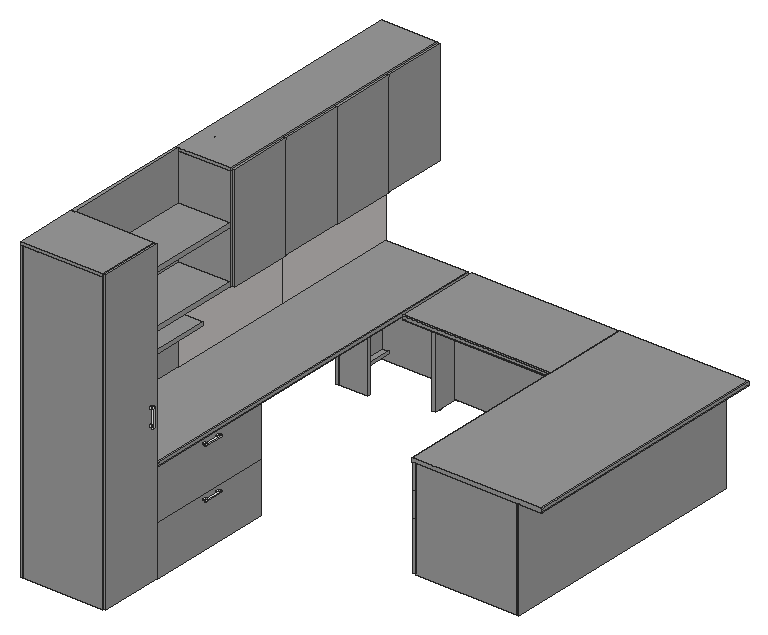
Revit family "JSI-Vision-Typical_Laminate-VST125", category Furniture, Revit 2020
Family settings
  OmniClass Number = 23.40.20.00
  OmniClass Title = General Furniture and Specialties
  Work Plane-Based = No
  Always vertical = Yes
  Cut with Voids When Loaded = No
  Shared = No
  Room Calculation Point = No
Parameters (values of type "VST125")
  URL = "www.jsifurniture.com"
  Type Comments = "Typical Laminate"  # constant formula
  Model = "VST125"
  Manufacturer = "JSI"  # constant formula
  Keynote = "12500"
  Default Elevation = 0"
  Assembly Code = "E2020200"
Reference planes (in)
  plane 1 "Center Front/Back": y = 0
  plane 2: z = 0
  plane 3 "Center Left/Right": x = 0
Dimensions and locks (in)
  aligned and locked: level to plane 2
Nested families (in)
  nested 1: "JSI-Vision-Modular_Wing_End_Support" at (0, -16.125, 0) x (0, 1, 0) z (0, 0, 1), type "VST1624WEAR, Wing End Sup - Right"
    with Pnl Pstn 15 1/8", L no, Depth 24"
  nested 2: "JSI-Vision-Double_Height_Wall_Mount_Overhead_Cabinets" at (0, -71.93757, 11.6875) x (0, 1, 0) z (0, 0, 1), type "VST1672WDSO, Laminate Dbl Height Wall Mount OH Cab. 16" x 72", 4 Doors"
    with Overall Height 72", Verticall Partition Distance 35 3/4", Unit Centre 36", Width 72", Door Width Actual 17 25/32", Door Array Spacing 17 29/32", Door Width 17 25/32", # of Doors 4
  nested 3: "JSI-Vision-Credenza_Top" at (0, -108, 28) x (0, 1, 0) z (0, 0, 1), type "VST24108MCT, Laminate Credenza Top, 24" x 108""
    with Height 0", Width 108", Depth 24"
  nested 4: "JSI-Vision-Wardrobe" at (0, -125.875, 0) x (0, 1, 0) z (0, 0, 1), type "VST2418-84WL - Wardrobe - 1 Doors 30"W x 24"D x 84"H"
    with Vertical Partition no, Width 18", Unit Centre 8 15/16", Shelve Width 7 13/16", Right surface Dist. to Vertical Partition 3/4", Right Door no, Pull Distance 15 1/4", Left Shelves no, Door Width 17 3/4", Bottom-Right Shelves yes, Actual Width 17 7/8"
  nested 5: "JSI-Vision-Modular_Lateral_File_Pedestal" at (0.1405, -108, 0) x (0, 1, 0) z (0, 0, 1), type "VST3624MLF, Laminate Modular Lat F Ped"
    with Ped Width 36", Ped Depth 24"
  nested 6: "JSI-Vision-Adjustable_Casegood-L_Shape-Modesty_Desk-Bridge" at (102, 0.125, 0) x (0, -1, 0) z (0, 0, 1), type "VST3672-U42AHFR - Adjustable Casegood L Shape 78"D x 72"W x 29 1/2"-49 1/8"H"
  nested 7: "JSI-Vision-Wall_Panel_Laminate" at (0, -108, -0.3125) x (0, 1, 0) z (0, 0, 1), type "VST3625WP, Laminate Wall Panel - 7 15/16d x 36w x 25h"
    with Shelf yes, Depth 7 15/16"
  nested 8: "JSI-Vision-Tackboard_Wall _Panel" at (-1.5625, -72.9375, -4.5625) x (0, 1, 0) z (0, 0, 1), type "VSB3625WPTK, Wall Panel Tackboard"
  nested 9: "JSI-Vision-Tackboard_Wall _Panel" at (-1.5625, 0.9375, -4.5625) x (0, -1, 0) z (0, 0, 1), type "VSB3625WPTK, Wall Panel Tackboard"
  nested 10: "JSI-Vision-Wall_Mount_Double_Shelf_for_84H" at (0, -108, 0) x (0, 1, 0) z (0, 0, 1), type "VST1536-30WMS, Wall Mount Double Shelf for 84" Height - 29 1/2"H, 36"W"
  nested 11: "JSI-Vision-Modular_Full_Height_Back_Modular_Pedestal" at (0.078, -107.812, 0) x (0, 1, 0) z (0, 0, 1), type "VST3628MPBK, Modular Full Height Back Panel for Modular Pedestal- Laminate"
Definition of nested family "JSI-Vision-Modular_Wing_End_Support"
  Parameters (values of type "Wing End Sup - Type Catalog Family")
    Width = 16"
    URL = "www.jsifurniture.com"
    Series = "Vision Casegoods"  # constant formula
    Pnl Pstn = if(L, 1/8", Width - 7/8")  # 1/8"
    Model = "Type Catalog"
    Manufacturer = "JSI"  # constant formula
    L = yes
    Keynote = "12500"  # constant formula
    JSI Enviromental website = "http://www.jsifurniture.com/jsi_sustainability_intro.php"
    Height = 28"
    Grommet Finish = none
    Description = "Type Catalog"
    Depth = 20"
    Default Elevation = 0"
    Chassis = none
    Assembly Code = "E2020200"
  Reference planes (in)
    plane 1 "Center Front/Back": y = 0
    plane 2: z = 0
    plane 3 "Center Left/Right": x = 0
    plane 4: x = 0.125
    plane 5: x = 15.875
    plane 6: x = 16
    plane 7: y = -0.1875
    plane 8: z = 28
    plane 9: x = 0.875
    plane 10: x = 15.126
    plane 11: y = -20
    plane 12: y = -19.8125
    plane 13: y = -0.9375
    plane 14: x = 0.125
    plane 15: x = 15.875
  Forms (in)
    Extrusion 1, solid, material <- "Chassis"
      sketch origin (0, 0, 0) x (1, 0, 0) y (0, 1, 0)
        loop
          line (0.125, -0.1875) -> (0.125, -0.9375) -> (15.875, -0.9375) -> (15.875, -0.1875) -> (0.125, -0.1875)
      from 0 to 28
    Extrusion 2, solid, material <- "Chassis"
      sketch origin (0.125, -0.1875, 48) x (0, 1, 0) y (0, 0, 1)
        loop
          line (-0.75, -20) -> (-19.625, -20) -> (-19.625, -48) -> (-0.75, -48) -> (-0.75, -20)
      from 0 to 0.75
    Extrusion 3, solid, material <- "Chassis"
      sketch origin (15.875, -0.1875, 48) x (0, 1, 0) y (0, 0, 1)
        loop
          line (-0.75, -20) -> (-4.75, -20) -> (-4.75, -48) -> (-0.75, -48) -> (-0.75, -20)
      from -0.749 to 0
    Extrusion 4, solid, material <- "Chassis"
      sketch origin (0, 0, 0) x (0, 1, 0) y (0, 0, 1)
        loop
          line (-0.9375, 1.75) -> (-0.9375, 2.5) -> (-2.875, 2.5) -> (-2.875, 1.75) -> (-0.9375, 1.75)
      from 0.875 to 15.126
  Lines and regions (in)
    symbolic lines
      curve 1: line (15.875, -0.1875, 0) -> (0.125, -0.1875, 0)
      curve 2: line (0.125, -19.8125, 0) -> (0.125, -0.1875, 0)
      curve 3: line (15.875, -0.1875, 0) -> (15.875, -4.9375, 0)
      curve 4: line (0.125, -0.9375, 0) -> (15.875, -0.9375, 0)
      curve 5: line (0.875, -0.9375, 0) -> (0.875, -19.8125, 0)
      curve 6: line (0.125, -19.8125, 0) -> (0.875, -19.8125, 0)
      curve 7: line (15.126, -0.9375, 0) -> (15.126, -4.9375, 0)
      curve 8: line (15.126, -4.9375, 0) -> (15.875, -4.9375, 0)
  Dimensions and locks (in)
    locked: plane 1 "Center Front/Back" to plane 7 at 0.1875
    "Height": plane 8 to level
    locked: plane 4 to plane 9 at 0.75
    locked: plane 10 to plane 5 at 0.749
    "Depth": plane 11 to plane 1 "Center Front/Back"
    "Width": plane 3 "Center Left/Right" to plane 6
    locked: plane 3 "Center Left/Right" to plane 14 at 0.125
    locked: plane 15 to plane 6 at 0.125
    locked: Extrusion 1 to Extrusion 4 at 0.75
    locked: Extrusion 4 to Extrusion 1 at 0.749
    "Pnl Pstn": plane 3 "Center Left/Right" to plane 4
    "Pnl Pstn": plane 5 to plane 6
    locked: plane 12 to plane 11 at 0.1875
    Extrusion 4 to Extrusion 4 to plane 2 = 3/4" locked, 1 3/4" locked
    locked: plane 13 to Extrusion 4 at 1.9375
    aligned and locked: level to plane 2
    aligned and locked: Extrusion 1 sketch curve to plane 7
    aligned and locked: Extrusion 2 sketch curve to level
    aligned and locked: Extrusion 3 sketch curve to plane 8
    aligned and locked: level to Extrusion 3 sketch curve
    aligned and locked: Extrusion 2 to plane 12
    aligned and locked: plane 13 to Extrusion 2
    aligned and locked: plane 9 to Extrusion 2
    aligned and locked: Extrusion 2 to plane 4
    aligned and locked: Extrusion 1 to plane 14
    aligned and locked: plane 15 to Extrusion 1
    aligned and locked: curve 6 to plane 12
    aligned and locked: plane 13 to Extrusion 4 sketch curve
    aligned and locked: plane 13 to Extrusion 3
    aligned and locked: plane 14 to curve 1
  Automatic sketch dimensions
    plane 11 to Extrusion 3 sketch curve = 15 1/16"
    Extrusion 2 sketch curve to plane 8 = 0"
    plane 12 to Extrusion 2 sketch curve = 0"
    Extrusion 1 sketch curve to plane 7 = 3/4"
    Extrusion 2 sketch curve to plane 7 = 3/4"
    Extrusion 3 sketch curve to plane 7 = 3/4"
    Extrusion 1 sketch curve to plane 4 = 0"
    plane 5 to Extrusion 1 sketch curve = 0"
    curve 7 to plane 10 = 0"
    curve 3 to plane 5 = 0"
    curve 2 to plane 4 = 0"
    curve 6 to plane 9 = 0"
    curve 1 to plane 15 = 0"
    curve 4 to plane 13 = 0"
    curve 7 to plane 13 = 0"
    curve 5 to plane 13 = 0"
    curve 2 to plane 7 = 0"
    level to Extrusion 4 sketch curve = 1 3/4"
    Extrusion 4 sketch curve to Extrusion 4 sketch curve = 3/4"
    curve 3 to curve 4 = 4"
    Extrusion 4 sketch curve to plane 13 = 1 15/16"
Definition of nested family "JSI-Vision-Double_Height_Wall_Mount_Overhead_Cabinets"
  Parameters (values of type "Double H Wall Mount OH - Type Catalog Family")
    Verticall Partition Distance = (Door Width * 2) + 3/16"  # 29 13/16"
    Unit Centre = Width / 2  # 45"
    Top = none
    Width = 90"
    URL = "www.jsifurniture.com"
    Type Comments = ""
    Tag = "4 Doors"
    Series = "Vision Casegoods"  # constant formula
    Right Vertical Partition = yes
    Overhead Height = 1 1/2"
    Overall Height [instance] = 72"
    Model = "Type Catalog"
    Material = ""
    Manufacturer = "JSI"  # constant formula
    Left Vertical Partition = yes
    Keynote = "12500"  # constant formula
    JSI Enviromental Website = "http://www.jsifurniture.com/jsi_sustainability_intro.php"
    Height = 30"
    Door Width Actual = if(# of Doors > 4, ((Width - 1 1/8") / # of Doors), if(# of Doors > 3, (((Width - 1 1/8") / # of Doors) + 1/16"), if(# of Doors > 2, (((Width - 1 1/8") / # of Doors) + 1/8"), (((Width - 1 1/8") / # of Doors) + 1/4"))))  # 14 13/16"
    Door Array Spacing = Door Width + 1/8"  # 14 15/16"
    Door Width = Door Width Actual  # 14 13/16"
    Door Front = none
    Description = "Type Catalog"
    Depth = 16"
    Default Elevation = 0"
    Chassis = none
    Assembly Code = "E2020200"
    # of Doors = if(Width > 89", 6, (if(Width > 53", 4, (if(Width > 41", 3, (if(Width > 30", 2, 2)))))))  # 6
  Reference planes (in)
    plane 1 "Center Front/Back": y = 0
    plane 2: z = 0
    plane 3 "Center Left/Right": x = 0
    plane 4: z = 0
    plane 5: y = -0.125
    plane 6: x = 90
    plane 7: x = 0.125
    plane 8: x = 89.875
    plane 9: y = -15.5625
    plane 10: y = -16
    plane 11: z = 72
    plane 12: z = 71.5
    plane 13: x = 0.875
    plane 14: x = 89.125
    plane 15: y = -0.875
    plane 16: z = 71.25
    plane 17: z = 44
    plane 18: z = 44.75
    plane 19: z = 42.5
    plane 20: y = -14.8125
    plane 21: z = 58
    plane 22: x = 0.25
    plane 23: x = 89.75
    plane 24: z = 71.9375
    plane 25: z = 42.6875
    plane 26: y = -15.6875
    plane 27: y = -16.4375
    plane 28: x = 45
    plane 29: x = 30.0625
    plane 30: x = 59.9375
    plane 31: z = 42.5
    plane 32: z = 72.5
    plane 33: z = 66.0625
    plane 34: x = 1.5
    plane 35: x = 88.5
    plane 36: z = 48.0625
  Forms (in)
    Extrusion 1, solid, material <- "Chassis"
      sketch origin (0, 0, 0) x (1, 0, 0) y (0, 1, 0)
        loop
          line (0.125, -0.125) -> (0.125, -15.5625) -> (0.875, -15.5625) -> (0.875, -0.125) -> (0.125, -0.125)
      from 42.5 to 71.25
    Extrusion 2, solid, material <- "Chassis"
      sketch origin (0, 0, 0) x (1, 0, 0) y (0, 1, 0)
        loop
          line (89.875, -0.125) -> (89.125, -0.125) -> (89.125, -15.5625) -> (89.875, -15.5625) -> (89.875, -0.125)
      from 42.5 to 71.25
    Extrusion 3, solid, material <- "Top"
      sketch origin (0, 0, 0) x (1, 0, 0) y (0, 0, 1)
        loop
          line (0.125, 72) -> (0.125, 71.25) -> (89.875, 71.25) -> (89.875, 72) -> (0.125, 72)
      from 0.125 to 15.5625
    Extrusion 4, solid, material <- "Chassis"
      sketch origin (0, 0, 0) x (1, 0, 0) y (0, 0, 1)
        loop
          line (0.875, 44.75) -> (0.875, 44) -> (89.125, 44) -> (89.125, 44.75) -> (0.875, 44.75)
      from 1.6875 to 15.5625
    Extrusion 5, solid, material <- "Chassis"
      sketch origin (0, 0, 0) x (1, 0, 0) y (0, 1, 0)
        loop
          line (0.875, -14.0625) -> (0.875, -14.8125) -> (89.125, -14.8125) -> (89.125, -14.0625) -> (0.875, -14.0625)
      from 42.5 to 44
    Extrusion 6, solid, material <- "Chassis"
      sketch origin (0, 0, 0) x (1, 0, 0) y (0, 0, 1)
        loop
          line (0.875, 58.375) -> (0.875, 57.625) -> (89.125, 57.625) -> (89.125, 58.375) -> (0.875, 58.375)
      from 1.6875 to 15.5625
    Extrusion 7, solid, material <- "Door Front"
      sketch origin (-3, 0, 17.5) x (1, 0, 0) y (0, 1, 0)
        loop
          line (3.25, -15.6875) -> (3.25, -16.4375) -> (18.0625, -16.4375) -> (18.0625, -15.6875) -> (3.25, -15.6875)
      from 25.1875 to 54.4375
    Extrusion 8, solid, material <- "Door Front"
      sketch origin (11.9375, 0, 17.5) x (1, 0, 0) y (0, 1, 0)
        loop
          line (3.25, -15.6875) -> (3.25, -16.4375) -> (18.0625, -16.4375) -> (18.0625, -15.6875) -> (3.25, -15.6875)
      from 25.1875 to 54.4375
    Extrusion 9, solid, material <- "Chassis"
      sketch origin (130.61992, -0.9375, 48) x (1, 0, 0) y (0, 0, 1)
        loop
          line (-129.74492, 23.25) -> (-129.74492, -5.5) -> (-41.49492, -5.5) -> (-41.49492, 23.25) -> (-129.74492, 23.25)
      from 0 to 0.75
    Extrusion 10, solid, material <- "Chassis", visible <- "Left Vertical Partition"
      sketch origin (45.0625, -15.5625, 48) x (1, 0, 0) y (0, 0, 1)
        loop
          line (-15.375, 23.25) -> (-15.375, 10.375) -> (-14.625, 10.375) -> (-14.625, 23.25) -> (-15.375, 23.25)
        loop
          line (-15.375, 9.625) -> (-15.375, -3.25) -> (-14.625, -3.25) -> (-14.625, 9.625) -> (-15.375, 9.625)
      from -13.875 to 0
    Extrusion 11, solid, material <- "Chassis", visible <- "Right Vertical Partition"
      sketch origin (60, -15.5625, 48) x (1, 0, 0) y (0, 0, 1)
        loop
          line (-0.4375, 23.25) -> (-0.4375, 10.375) -> (0.3125, 10.375) -> (0.3125, 23.25) -> (-0.4375, 23.25)
        loop
          line (-0.4375, 9.625) -> (-0.4375, -3.25) -> (0.3125, -3.25) -> (0.3125, 9.625) -> (-0.4375, 9.625)
      from -13.875 to 0
    Extrusion 12, solid, material <- "Chassis"
      sketch origin (1.5, -180, 96) x (0, 0, 1) y (0, -1, 0)
        loop
          line (-24.75, -179.875) -> (-24.75, -179.0625) -> (-26.9375, -179.0625) -> (-27.75, -179.875) -> (-24.75, -179.875)
        loop
          line (-42.75, -179.875) -> (-42.75, -179.0625) -> (-44.9375, -179.0625) -> (-45.75, -179.875) -> (-42.75, -179.875)
      from -0.625 to 87.625
    Extrusion 13, solid, material <- "Door Front"
      sketch origin (26.875, 0, 17.5) x (1, 0, 0) y (0, 1, 0)
        loop
          line (3.25, -15.6875) -> (3.25, -16.4375) -> (18.0625, -16.4375) -> (18.0625, -15.6875) -> (3.25, -15.6875)
      from 25.1875 to 54.4375
    Extrusion 14, solid, material <- "Door Front"
      sketch origin (41.8125, 0, 17.5) x (1, 0, 0) y (0, 1, 0)
        loop
          line (3.25, -15.6875) -> (3.25, -16.4375) -> (18.0625, -16.4375) -> (18.0625, -15.6875) -> (3.25, -15.6875)
      from 25.1875 to 54.4375
    Extrusion 15, solid, material <- "Door Front"
      sketch origin (56.75, 0, 17.5) x (1, 0, 0) y (0, 1, 0)
        loop
          line (3.25, -15.6875) -> (3.25, -16.4375) -> (18.0625, -16.4375) -> (18.0625, -15.6875) -> (3.25, -15.6875)
      from 25.1875 to 54.4375
    Extrusion 16, solid, material <- "Door Front"
      sketch origin (71.6875, 0, 17.5) x (1, 0, 0) y (0, 1, 0)
        loop
          line (3.25, -15.6875) -> (3.25, -16.4375) -> (18.0625, -16.4375) -> (18.0625, -15.6875) -> (3.25, -15.6875)
      from 25.1875 to 54.4375
  Lines and regions (in)
    symbolic lines
      curve 1: line (15.0625, -15.6875, 0) -> (0.25, -15.6875, 0)
      curve 2: line (0.25, -15.6875, 0) -> (0.25, -16.4375, 0)
      curve 3: line (0.25, -16.4375, 0) -> (15.0625, -16.4375, 0)
      curve 4: line (15.0625, -16.4375, 0) -> (15.0625, -15.6875, 0)
      curve 5: line (30, -15.6875, 0) -> (15.1875, -15.6875, 0)
      curve 6: line (15.1875, -15.6875, 0) -> (15.1875, -16.4375, 0)
      curve 7: line (15.1875, -16.4375, 0) -> (30, -16.4375, 0)
      curve 8: line (30, -16.4375, 0) -> (30, -15.6875, 0)
      curve 9: line (44.9375, -15.6875, 0) -> (30.125, -15.6875, 0)
      curve 10: line (30.125, -15.6875, 0) -> (30.125, -16.4375, 0)
      curve 11: line (30.125, -16.4375, 0) -> (44.9375, -16.4375, 0)
      curve 12: line (44.9375, -16.4375, 0) -> (44.9375, -15.6875, 0)
      curve 13: line (0.125, -15.5625, 0) -> (89.875, -15.5625, 0)
      curve 14: line (0.125, -0.125, 0) -> (0.125, -15.5625, 0)
      curve 15: line (89.875, -0.125, 0) -> (0.125, -0.125, 0)
      curve 16: line (89.875, -15.5625, 0) -> (89.875, -0.125, 0)
      curve 17: line (59.875, -15.6875, 0) -> (45.0625, -15.6875, 0)
      curve 18: line (45.0625, -15.6875, 0) -> (45.0625, -16.4375, 0)
      curve 19: line (45.0625, -16.4375, 0) -> (59.875, -16.4375, 0)
      curve 20: line (59.875, -16.4375, 0) -> (59.875, -15.6875, 0)
      curve 21: line (74.8125, -15.6875, 0) -> (60, -15.6875, 0)
      curve 22: line (60, -15.6875, 0) -> (60, -16.4375, 0)
      curve 23: line (60, -16.4375, 0) -> (74.8125, -16.4375, 0)
      curve 24: line (74.8125, -16.4375, 0) -> (74.8125, -15.6875, 0)
      curve 25: line (89.75, -15.6875, 0) -> (74.9375, -15.6875, 0)
      curve 26: line (74.9375, -15.6875, 0) -> (74.9375, -16.4375, 0)
      curve 27: line (74.9375, -16.4375, 0) -> (89.75, -16.4375, 0)
      curve 28: line (89.75, -16.4375, 0) -> (89.75, -15.6875, 0)
  Dimensions and locks (in)
    plane 3 "Center Left/Right" to plane 7 to plane 22 = 1/8" locked, 1/8" locked
    plane 23 to plane 8 to plane 6 = 1/8" locked, 1/8" locked
    Extrusion 9 to Extrusion 12 to plane 5 to plane 1 "Center Front/Back" = 3/4" locked, 13/16" locked, 1/8" locked
    plane 10 to plane 9 to plane 20 = 7/16" locked, 3/4" locked
    "Width": plane 3 "Center Left/Right" to plane 6
    "Depth": plane 10 to plane 1 "Center Front/Back"
    locked: plane 11 to plane 12 at 0.5
    locked: plane 7 to plane 13 at 0.75
    locked: plane 14 to plane 8 at 0.75
    locked: plane 15 to plane 5 at 0.75
    locked: plane 11 to plane 16 at 0.75
    plane 18 to plane 17 to plane 19 = 3/4" locked, 1 1/2" locked
    equal spacing: plane 16, plane 21, plane 18
    locked: plane 11 to plane 24 at 0.0625
    locked: plane 25 to plane 19 at 0.1875
    plane 27 to plane 26 to plane 9 = 3/4" locked, 1/8" locked
    "Door Width": Extrusion 7 sketch curve to Extrusion 7 sketch curve
    "Door Width": Extrusion 8 sketch curve to Extrusion 8 sketch curve
    equal spacing: group 1, group 2, group 3, group 4, group 5, group 6  (x3)
    "Door Array Spacing": Extrusion 7 to Extrusion 8
    "Verticall Partition Distance": plane 22 to plane 29
    "Verticall Partition Distance": plane 30 to plane 23
    "Unit Centre": plane 3 "Center Left/Right" to plane 28
    "Overhead Height": plane 17 to plane 31
    "Height": plane 32 to plane 31
    locked: plane 32 to plane 11 at 0.5
    locked: plane 36 to plane 18 at 3.3125
    locked: plane 13 to plane 34 at 0.625
    locked: plane 35 to plane 14 at 0.625
    "Door Width": Extrusion 13 sketch curve to Extrusion 13 sketch curve
    plane 16 to plane 33 = 5 3/16"
    "Overall Height": plane 11 to level
    plane 32 to Extrusion 12 sketch curve to Extrusion 12 sketch curve to Extrusion 12 sketch curve to Extrusion 12 sketch curve to Extrusion 12 sketch curve to Extrusion 12 sketch curve = 1 1/4" locked, 2 3/16" locked, 13/16" locked, 15" locked, 2 3/16" locked, 13/16" locked
    locked: plane 5 to Extrusion 12 sketch curve at 0.8125
    Extrusion 6 sketch curve to plane 21 to Extrusion 6 sketch curve = 3/8" locked, 3/8" locked
    locked: plane 20 to Extrusion 5 sketch curve at 0.75
    Extrusion 11 sketch curve to plane 30 to Extrusion 11 sketch curve = 3/8" locked, 3/8" locked
    "Door Width": Extrusion 14 sketch curve to Extrusion 14 sketch curve
    "Door Width": Extrusion 15 sketch curve to Extrusion 15 sketch curve
    "Door Width": Extrusion 16 sketch curve to Extrusion 16 sketch curve
    Extrusion 10 sketch curve to plane 29 to Extrusion 10 sketch curve = 3/8" locked, 3/8" locked
    aligned and locked: level to plane 2
    aligned and locked: plane 5 to Extrusion 1 sketch curve
    aligned and locked: plane 7 to Extrusion 1 sketch curve
    aligned and locked: Extrusion 1 sketch curve to plane 13
    aligned and locked: Extrusion 2 sketch curve to plane 5
    aligned and locked: plane 8 to Extrusion 2 sketch curve
    aligned and locked: Extrusion 2 sketch curve to plane 14
    aligned and locked: Extrusion 3 sketch curve to plane 11
    aligned and locked: plane 7 to Extrusion 3 sketch curve
    aligned and locked: Extrusion 3 to plane 5
    aligned and locked: plane 9 to Extrusion 1
    aligned and locked: plane 9 to Extrusion 2
    aligned and locked: plane 9 to Extrusion 3
    aligned and locked: Extrusion 4 sketch curve to plane 18
    aligned and locked: plane 13 to Extrusion 4 sketch curve
    aligned and locked: plane 17 to Extrusion 4 sketch curve
    aligned and locked: Extrusion 4 sketch curve to plane 14
    aligned and locked: plane 9 to Extrusion 4
    aligned and locked: plane 13 to Extrusion 5 sketch curve
    aligned and locked: Extrusion 5 sketch curve to plane 20
    aligned and locked: Extrusion 5 sketch curve to plane 14
    aligned and locked: plane 17 to Extrusion 5
    aligned and locked: Extrusion 5 to plane 19
    aligned and locked: plane 13 to Extrusion 6 sketch curve
    aligned and locked: Extrusion 6 sketch curve to plane 14
    aligned and locked: plane 9 to Extrusion 6
    aligned and locked: plane 24 to Extrusion 7
    aligned and locked: Extrusion 7 to plane 22
    aligned and locked: Extrusion 1 to Extrusion 9 sketch curve
    aligned and locked: Extrusion 2 to Extrusion 9 sketch curve
    aligned and locked: plane 28 to nested 1
    aligned and locked: plane 27 to nested 1
    aligned and locked: Extrusion 7 to plane 24
    aligned and locked: plane 24 to Extrusion 8
    aligned and locked: plane 16 to Extrusion 1
    aligned and locked: plane 16 to Extrusion 2
    aligned and locked: Extrusion 1 to plane 31
    aligned and locked: Extrusion 2 to plane 31
    aligned and locked: Extrusion 9 sketch curve to plane 31
    aligned and locked: Extrusion 10 sketch curve to plane 16
    aligned and locked: plane 18 to Extrusion 10 sketch curve
    aligned and locked: Extrusion 11 sketch curve to plane 16
    aligned and locked: plane 18 to Extrusion 11 sketch curve
    aligned and locked: plane 9 to Extrusion 10
    aligned and locked: plane 9 to Extrusion 11
    aligned and locked: plane 5 to Extrusion 12 sketch curve  (x2)
    aligned and locked: Extrusion 12 to plane 13
    aligned and locked: plane 14 to Extrusion 12
    aligned and locked: curve 1 to Extrusion 7
    aligned and locked: curve 2 to Extrusion 7
    aligned and locked: curve 3 to Extrusion 7
    aligned and locked: curve 4 to Extrusion 7
    aligned and locked: curve 5 to Extrusion 8
    aligned and locked: curve 6 to Extrusion 8
    aligned and locked: curve 7 to Extrusion 8
    aligned and locked: curve 8 to Extrusion 8
    aligned and locked: curve 9 to Extrusion 13
    aligned and locked: curve 10 to Extrusion 13
    aligned and locked: curve 11 to Extrusion 13
    aligned and locked: curve 12 to Extrusion 13
    aligned and locked: curve 14 to plane 7
    aligned and locked: curve 15 to plane 5
    aligned and locked: plane 9 to curve 13
    aligned and locked: plane 8 to curve 16
    aligned and locked: Extrusion 12 sketch curve to Extrusion 12 sketch curve
    aligned and locked: Extrusion 9 sketch curve to plane 16
    aligned and locked: Extrusion 11 sketch curve to Extrusion 11 sketch curve  (x2)
    aligned and locked: curve 17 to Extrusion 14
    aligned and locked: curve 18 to Extrusion 14
    aligned and locked: curve 19 to Extrusion 14
    aligned and locked: curve 20 to Extrusion 14
    aligned and locked: curve 21 to Extrusion 15
    aligned and locked: curve 22 to Extrusion 15
    aligned and locked: curve 23 to Extrusion 15
    aligned and locked: curve 24 to Extrusion 15
    aligned and locked: curve 25 to Extrusion 16
    aligned and locked: curve 26 to Extrusion 16
    aligned and locked: curve 27 to Extrusion 16
    aligned and locked: curve 28 to Extrusion 16
    aligned and locked: Extrusion 10 sketch curve to Extrusion 10 sketch curve  (x2)
  Automatic sketch dimensions
    Extrusion 1 sketch curve to plane 10 = 7/16"
    Extrusion 3 sketch curve to plane 8 = 0"
    Extrusion 3 sketch curve to plane 16 = 0"
    plane 9 to Extrusion 2 sketch curve = 0"
    Extrusion 7 sketch curve to Extrusion 7 sketch curve = 3/4"
    Extrusion 8 sketch curve to Extrusion 8 sketch curve = 3/4"
    curve 2 to curve 2 = 3/4"
    curve 2 to curve 3 = 14 13/16"
    curve 6 to curve 6 = 3/4"
    curve 6 to curve 7 = 14 13/16"
    Extrusion 13 sketch curve to Extrusion 13 sketch curve = 3/4"
    curve 10 to curve 10 = 3/4"
    curve 10 to curve 11 = 14 13/16"
    plane 21 to Extrusion 10 sketch curve = 3/8"
    plane 21 to Extrusion 11 sketch curve = 3/8"
    Extrusion 10 sketch curve to plane 21 = 3/8"
    Extrusion 11 sketch curve to plane 21 = 3/8"
    Extrusion 14 sketch curve to Extrusion 14 sketch curve = 3/4"
    curve 18 to curve 18 = 3/4"
    curve 18 to curve 19 = 14 13/16"
    Extrusion 15 sketch curve to Extrusion 15 sketch curve = 3/4"
    curve 22 to curve 22 = 3/4"
    curve 22 to curve 23 = 14 13/16"
    Extrusion 16 sketch curve to Extrusion 16 sketch curve = 3/4"
    curve 26 to curve 26 = 3/4"
    curve 26 to curve 27 = 14 13/16"
  Nested families (in)
    nested 1: "Label 1-16 OH" at (45, -16.4375, 0), type "OH DOORS"
  Definition of nested family "Label 1-16 OH"
    Parameters
      Width = 1"
      Model Name = "XX"
    Reference planes (in)
      plane 1: y = 0
      plane 2: x = 0
    Text (in)
      label "XX" at (0.00051, -0.12324, 0), shows "Model Name"
Definition of nested family "JSI-Vision-Credenza_Top"
  Parameters (values of type "Type Catalog")
    Worksurface = none
    Width = 30"
    URL = "www.jsifurniture.com"
    Type Comments = ""
    Series = "Vision Casegoods"  # constant formula
    Model = "Type Catalog"
    Material = ""
    Manufacturer = "JSI"  # constant formula
    Keynote = "12500"
    JSI Enviromental Website = "http://www.jsifurniture.com/jsi_sustainability_intro.php"
    Height [instance] = 0"
    Description = "Type Catalog"
    Depth = 20"
    Default Elevation = 0"
    Assembly Code = "E2020200"
  Reference planes (in)
    plane 1 "Center Front/Back": y = 0
    plane 2: z = 0
    plane 3 "Center Left/Right": x = 0
    plane 4: z = 0
    plane 5: x = 30
    plane 6: y = -20
    plane 7: z = 1.1875
    plane 8: z = 0
  Forms (in)
    Extrusion 1, solid, material <- "Worksurface"
      sketch origin (0, 0, 28) x (0, 1, 0) y (0, 0, 1)
        loop
          line (-19.88189, -28) -> (0, -28) -> (0, -26.8125) -> (-19.88189, -26.8125)
          arc (-19.88189, -26.8125) -> (-19.96541, -26.84709) -> (-20, -26.93061) r 0.11811
          line (-20, -26.93061) -> (-20, -27.88189)
          arc (-20, -27.88189) -> (-19.96541, -27.96541) -> (-19.88189, -28) r 0.11811
      from 0 to 30
  Lines and regions (in)
    symbolic lines
      curve 1: line (0, 0, 0) -> (30, 0, 0)
      curve 2: line (0, -20, 0) -> (0, 0, 0)
      curve 3: line (30, -20, 0) -> (0, -20, 0)
      curve 4: line (30, 0, 0) -> (30, -20, 0)
  Dimensions and locks (in)
    "Depth": plane 6 to plane 1 "Center Front/Back"
    "Width": plane 5 to plane 3 "Center Left/Right"
    locked: plane 7 to plane 8 at 1.1875
    "Height": plane 8 to level
    aligned and locked: level to plane 2
    aligned and locked: plane 5 to Extrusion 1
    aligned and locked: curve 1 to Extrusion 1
    aligned and locked: curve 2 to Extrusion 1
    aligned and locked: plane 6 to curve 3
    aligned and locked: curve 4 to plane 5
    aligned and locked: Extrusion 1 to plane 8
    aligned and locked: plane 7 to Extrusion 1
  Automatic sketch dimensions
    Extrusion 1 sketch curve to plane 6 = 0"
    level to Extrusion 1 sketch curve = 0"
    Extrusion 1 sketch curve to plane 7 = 0"
    Extrusion 1 sketch curve to plane 1 "Center Front/Back" = 0"
    Extrusion 1 sketch curve to Extrusion 1 sketch curve = 0.11811"
    plane 6 to Extrusion 1 sketch curve = 0.11811"
Definition of nested family "JSI-Vision-Wardrobe"
  Parameters (values of type "Type Catalog")
    Vertical Partition = yes
    Top-Right Shelve = yes
    Top = none
    Width = 36"
    Unit Centre = Actual Width / 2  # 17 15/16"
    URL = "www.jsifurniture.com"
    Type Comments = ""
    Tag = "Storage/Wardrobe"
    Shelve Width = (Actual Width - 2 1/4") / 2  # 16 13/16"
    Shelve Depth = Depth - 2 13/16"  # 21 3/16"
    Series = "Vision Casegoods"  # constant formula
    Right surface Dist. to Vertical Partition = if(Vertical Partition, (Unit Centre + 3/8"), 3/4")  # 18 5/16"
    Right Door = yes
    Pull Finish = none
    Pull Distance = Door Width - 2 1/2"  # 15 5/16"
    Model = "Type Catalog"
    Material = ""
    Manufacturer = "JSI"  # constant formula
    Left Shelves = yes
    Left Door = yes
    Keynote = "12500"
    JSI Enviromental Website = "http://www.jsifurniture.com/jsi_sustainability_intro.php"
    Height = 84"
    Hanging Bar Distance = if(Height > 72", (Adjustable Shelves Array Distance + 6 3/4"), 6 3/4")  # 20 3/8"
    Door Width = if(Vertical Partition, ((Actual Width - (1/4")) / 2), (Actual Width - 1/8"))  # 17 13/16"
    Door Front = none
    Description = "Type Catalog"
    Depth = 24"
    Default Elevation = 0"
    Chassis = none
    Bottom-Right Shelves = no
    Assembly Code = "E2020200"
    Adjustable Shelves Array Distance = (Actual Height - 1 15/16") / (# of Adjustable Shelves + 1)  # 13 5/8"
    Actual Width = Width - 1/8"  # 35 7/8"
    Actual Height = if(Height > 54", (Height - 5/16"), (if(Height > 42", (Height + 1 1/8"), if(Height > 30", (Height - 3/8"), (Height - 13/16")))))  # 83 11/16"
    # of Adjustable Shelves = if(Height > 72", 5, 4)  # 5
  Reference planes (in)
    plane 1 "Center Front/Back": y = 0
    plane 2: z = 0
    plane 3 "Center Left/Right": x = 0
    plane 4: z = 0
    plane 5: x = 35.875
    plane 6: y = -0.125
    plane 7: y = -23
    plane 8: z = 83.6875
    plane 9: y = -0.875
    plane 10: y = -22.8125
    plane 11: y = -22.0625
    plane 12: x = 0.75
    plane 13: x = 35.125
    plane 14: z = 1.1875
    plane 15: z = 1.9375
    plane 16: z = 82.9375
    plane 17: z = 83.3125
    plane 18: z = 15.1875
    plane 19: z = 28.8125
    plane 20: z = 42.4375
    plane 21: z = 56.0625
    plane 22: z = 69.6875
    plane 23: z = 70.0625
    plane 24: z = 69.3125
    plane 25: z = 56.4375
    plane 26: z = 55.6875
    plane 27: z = 42.8125
    plane 28: z = 42.0625
    plane 29: z = 29.1875
    plane 30: z = 28.4375
    plane 31: z = 15.5625
    plane 32: z = 14.8125
    plane 33: x = 17.9375
    plane 34: x = 0.0625
    plane 35: x = 35.8125
    plane 36: x = 18
    plane 37: x = 17.875
    plane 38: z = 0.125
    plane 39: y = -23.125
    plane 40: y = -23.875
    plane 41: z = 1.5625
    plane 42: x = 18.3125
    plane 43: x = 17.5625
    plane 44: y = -24
    plane 45: z = 83.625
    plane 46: z = 63.3125
    plane 47: y = -11.5625
    plane 48: z = 41.84375
    plane 49: x = 20.5
    plane 50: x = 15.375
    plane 51: z = 20.3125
    plane 52: z = 19.5625
    plane 53: x = 18.3125
  Forms (in)
    Extrusion 1, solid, material <- "Chassis"
      sketch origin (0, 0, 0) x (1, 0, 0) y (0, 1, 0)
        loop
          line (0, -0.125) -> (0, -0.875) -> (35.875, -0.875) -> (35.875, -0.125) -> (0, -0.125)
      from 0 to 82.9375
    Extrusion 2, solid, material <- "Chassis"
      sketch origin (0, 0, 0) x (1, 0, 0) y (0, 1, 0)
        loop
          line (0, -0.875) -> (0, -23) -> (0.75, -23) -> (0.75, -0.875) -> (0, -0.875)
      from 0 to 82.9375
    Extrusion 3, solid, material <- "Chassis"
      sketch origin (0, 0, 0) x (1, 0, 0) y (0, 1, 0)
        loop
          line (35.125, -0.875) -> (35.125, -23) -> (35.875, -23) -> (35.875, -0.875) -> (35.125, -0.875)
      from 0 to 82.9375
    Extrusion 4, solid, material <- "Top"
      sketch origin (0, 0, 0) x (0, 1, 0) y (0, 0, 1)
        loop
          line (-0.125, 83.6875) -> (-23, 83.6875) -> (-23, 82.9375) -> (-0.125, 82.9375) -> (-0.125, 83.6875)
      from 0 to 35.875
    Extrusion 5, solid, material <- "Chassis"
      sketch origin (0, 0, 0) x (0, 1, 0) y (0, 0, 1)
        loop
          line (-0.875, 1.9375) -> (-22.0625, 1.9375) -> (-22.0625, 1.1875) -> (-0.875, 1.1875) -> (-0.875, 1.9375)
      from 0.75 to 35.125
    Extrusion 6, solid, material <- "Chassis"
      sketch origin (0, 0, 0) x (0, 1, 0) y (0, 0, 1)
        loop
          line (-22.0625, 1.9375) -> (-22.8125, 1.9375) -> (-22.8125, 0) -> (-22.0625, 0) -> (-22.0625, 1.9375)
      from 0.75 to 35.125
    Extrusion 7, solid, material <- "Door Front", visible <- "Left Door"
      sketch origin (0, 0, 0) x (1, 0, 0) y (0, 1, 0)
        loop
          line (0.0625, -23.125) -> (0.0625, -23.875) -> (17.875, -23.875) -> (17.875, -23.125) -> (0.0625, -23.125)
      from 0.125 to 83.625
    Extrusion 8, solid, material <- "Door Front", visible <- "Right Door"
      sketch origin (0, 0, 0) x (1, 0, 0) y (0, 1, 0)
        loop
          line (18, -23.125) -> (18, -23.875) -> (35.8125, -23.875) -> (35.8125, -23.125) -> (18, -23.125)
      from 0.125 to 83.625
    Extrusion 9, solid, material <- "Chassis", visible <- "Vertical Partition"
      sketch origin (0, 0, 0) x (1, 0, 0) y (0, 1, 0)
        loop
          line (17.5625, -0.875) -> (17.5625, -23) -> (18.3125, -23) -> (18.3125, -0.875) -> (17.5625, -0.875)
      from 1.9375 to 82.9375
    Extrusion 10, solid, material <- "Chassis", visible <- "Left Shelves"
      sketch origin (0, 0, 0) x (0, 1, 0) y (0, 0, 1)
        loop
          line (-0.875, 15.5625) -> (-22.0625, 15.5625) -> (-22.0625, 14.8125) -> (-0.875, 14.8125) -> (-0.875, 15.5625)
      from 0.75 to 17.5625
    Extrusion 11, solid, material <- "Chassis", visible <- "Top-Right Shelve"
      sketch origin (0, 0, 0) x (0, 1, 0) y (0, 0, 1)
        loop
          line (-0.875, 70.0625) -> (-22.0625, 70.0625) -> (-22.0625, 69.3125) -> (-0.875, 69.3125) -> (-0.875, 70.0625)
      from 18.3125 to 35.125
    Extrusion 12, solid, material <- "Pull Finish"
      sketch origin (0, 0, 0) x (0, 1, 0) y (0, 0, 1)
        loop
          circle (-11.5625, 63.3125) r 0.5
      from 18.3125 to 35.125
    Extrusion 13, solid, material <- "Chassis", visible <- "Left Shelves"
      sketch origin (0, 0, 13.625) x (0, 1, 0) y (0, 0, 1)
        loop
          line (-0.875, 15.5625) -> (-22.0625, 15.5625) -> (-22.0625, 14.8125) -> (-0.875, 14.8125) -> (-0.875, 15.5625)
      from 0.75 to 17.5625
    Extrusion 14, solid, material <- "Chassis", visible <- "Left Shelves"
      sketch origin (0, 0, 27.25) x (0, 1, 0) y (0, 0, 1)
        loop
          line (-0.875, 15.5625) -> (-22.0625, 15.5625) -> (-22.0625, 14.8125) -> (-0.875, 14.8125) -> (-0.875, 15.5625)
      from 0.75 to 17.5625
    Extrusion 15, solid, material <- "Chassis", visible <- "Left Shelves"
      sketch origin (0, 0, 40.875) x (0, 1, 0) y (0, 0, 1)
        loop
          line (-0.875, 15.5625) -> (-22.0625, 15.5625) -> (-22.0625, 14.8125) -> (-0.875, 14.8125) -> (-0.875, 15.5625)
      from 0.75 to 17.5625
    Extrusion 16, solid, material <- "Chassis", visible <- "Bottom-Right Shelves"
      sketch origin (0, 0, 0) x (0, 1, 0) y (0, 0, 1)
        loop
          line (-22.0625, 29.1875) -> (-22.0625, 28.4375) -> (-0.875, 28.4375) -> (-0.875, 29.1875) -> (-22.0625, 29.1875)
      from 18.3125 to 35.125
    Extrusion 17, solid, material <- "Chassis", visible <- "Bottom-Right Shelves"
      sketch origin (0, 0, 0) x (0, 1, 0) y (0, 0, 1)
        loop
          line (-22.0625, 20.3125) -> (-22.0625, 19.5625) -> (-0.875, 19.5625) -> (-0.875, 20.3125) -> (-22.0625, 20.3125)
      from 18.3125 to 35.125
    Extrusion 18, solid, material <- "Chassis", visible <- "Left Shelves"
      sketch origin (0, 0, 54.5) x (0, 1, 0) y (0, 0, 1)
        loop
          line (-0.875, 15.5625) -> (-22.0625, 15.5625) -> (-22.0625, 14.8125) -> (-0.875, 14.8125) -> (-0.875, 15.5625)
      from 0.75 to 17.5625
  Lines and regions (in)
    symbolic lines
      curve 1: line (35.875, -0.125, 0) -> (0, -0.125, 0)
      curve 2: line (0, -0.125, 0) -> (0, -23, 0)
      curve 3: line (35.875, -23, 0) -> (35.875, -0.125, 0)
      curve 4: line (0, -23, 0) -> (35.875, -23, 0)
      curve 5: line (17.875, -23.875, 0) -> (17.875, -23.125, 0)
      curve 6: line (0.0625, -23.875, 0) -> (17.875, -23.875, 0)
      curve 7: line (17.875, -23.125, 0) -> (0.0625, -23.125, 0)
      curve 8: line (0.0625, -23.125, 0) -> (0.0625, -23.875, 0)
      curve 9: line (35.8125, -23.125, 20.3125) -> (18, -23.125, 20.3125)
      curve 10: line (18, -23.875, 20.3125) -> (35.8125, -23.875, 20.3125)
      curve 11: line (18, -23.125, 20.3125) -> (18, -23.875, 20.3125)
      curve 12: line (35.8125, -23.875, 20.3125) -> (35.8125, -23.125, 20.3125)
  Dimensions and locks (in)
    locked: plane 6 to plane 1 "Center Front/Back" at 0.125
    plane 7 to plane 10 to plane 11 = 3/16" locked, 3/4" locked
    locked: plane 3 "Center Left/Right" to plane 12 at 0.75
    locked: plane 13 to plane 5 at 0.75
    plane 15 to plane 14 to plane 4 = 3/4" locked, 1 3/16" locked
    locked: plane 8 to plane 16 at 0.75
    locked: plane 17 to plane 16 at 0.375
    plane 23 to plane 22 to plane 24 = 3/8" locked, 3/8" locked
    plane 25 to plane 21 to plane 26 = 3/8" locked, 3/8" locked
    plane 27 to plane 20 to plane 28 = 3/8" locked, 3/8" locked
    plane 29 to plane 19 to plane 30 = 3/8" locked, 3/8" locked
    plane 31 to plane 18 to plane 32 = 3/8" locked, 3/8" locked
    "Actual Width": plane 3 "Center Left/Right" to plane 5
    "Unit Centre": plane 3 "Center Left/Right" to plane 33
    "Actual Height": plane 8 to plane 4
    locked: plane 3 "Center Left/Right" to plane 34 at 0.0625
    locked: plane 35 to plane 5 at 0.0625
    plane 40 to plane 39 to plane 7 = 3/4" locked, 1/8" locked
    "Door Width": plane 34 to plane 37
    "Door Width": plane 36 to plane 35
    locked: plane 15 to plane 41 at 0.375
    plane 43 to plane 33 to plane 42 = 3/8" locked, 3/8" locked
    "Depth": plane 44 to plane 1 "Center Front/Back"
    locked: plane 44 to plane 40 at 0.125
    "Adjustable Shelves Array Distance": Extrusion 10 to plane 15
    locked: plane 8 to plane 45 at 0.0625
    "Adjustable Shelves Array Distance": plane 17 to plane 22
    equal spacing: plane 6, plane 47, plane 7
    equal spacing: plane 8, plane 48, plane 4
    "Shelve Depth": Extrusion 10 sketch curve to Extrusion 10 sketch curve
    "Shelve Depth": Extrusion 13 sketch curve to Extrusion 13 sketch curve
    equal spacing: group 1, group 2, group 3, group 4, group 5  (x3)
    "Shelve Width": Extrusion 10 to Extrusion 10
    "Shelve Depth": Extrusion 14 sketch curve to Extrusion 14 sketch curve
    "Shelve Width": Extrusion 14 to Extrusion 14
    "Shelve Depth": Extrusion 15 sketch curve to Extrusion 15 sketch curve
    "Shelve Width": Extrusion 15 to Extrusion 15
    "Shelve Width": Extrusion 13 to Extrusion 13
    "Hanging Bar Distance": plane 8 to plane 46
    "Adjustable Shelves Array Distance": Extrusion 13 to Extrusion 10
    plane 30 to plane 51 to plane 52 = 8 1/8" locked, 3/4" locked
    "Pull Distance": plane 49 to plane 35
    "Pull Distance": plane 34 to plane 50
    "Right surface Dist. to Vertical Partition": plane 53 to plane 3 "Center Left/Right"
    "Shelve Depth": Extrusion 18 sketch curve to Extrusion 18 sketch curve
    "Shelve Width": Extrusion 18 to Extrusion 18
    locked: plane 38 to plane 4 at 0.125
    radius of Extrusion 12 sketch curve = 1/2"
    aligned and locked: level to plane 2
    aligned and locked: plane 6 to Extrusion 1 sketch curve
    aligned and locked: Extrusion 1 sketch curve to plane 9
    aligned and locked: Extrusion 1 sketch curve to plane 5
    aligned and locked: plane 3 "Center Left/Right" to Extrusion 1 sketch curve
    aligned and locked: Extrusion 1 to plane 4
    aligned and locked: plane 16 to Extrusion 1
    aligned and locked: plane 3 "Center Left/Right" to Extrusion 2 sketch curve
    aligned and locked: Extrusion 2 sketch curve to plane 12
    aligned and locked: Extrusion 2 sketch curve to plane 7
    aligned and locked: plane 9 to Extrusion 2 sketch curve
    aligned and locked: plane 13 to Extrusion 3 sketch curve
    aligned and locked: Extrusion 3 sketch curve to plane 5
    aligned and locked: Extrusion 3 sketch curve to plane 7
    aligned and locked: plane 9 to Extrusion 3 sketch curve
    aligned and locked: Extrusion 2 to plane 4
    aligned and locked: Extrusion 3 to plane 4
    aligned and locked: plane 16 to Extrusion 2
    aligned and locked: plane 16 to Extrusion 3
    aligned and locked: plane 16 to Extrusion 4 sketch curve
    aligned and locked: Extrusion 4 sketch curve to plane 8
    aligned and locked: plane 6 to Extrusion 4 sketch curve
    aligned and locked: Extrusion 4 sketch curve to plane 7
    aligned and locked: Extrusion 4 to plane 3 "Center Left/Right"
    aligned and locked: plane 5 to Extrusion 4
    aligned and locked: Extrusion 5 sketch curve to plane 11
    aligned and locked: plane 14 to Extrusion 5 sketch curve
    aligned and locked: Extrusion 5 sketch curve to plane 15
    aligned and locked: plane 9 to Extrusion 5 sketch curve
    aligned and locked: Extrusion 5 to plane 12
    aligned and locked: plane 13 to Extrusion 5
    aligned and locked: plane 11 to Extrusion 6 sketch curve
    aligned and locked: Extrusion 6 sketch curve to plane 10
    aligned and locked: plane 4 to Extrusion 6 sketch curve
    aligned and locked: Extrusion 6 sketch curve to plane 15
    aligned and locked: Extrusion 6 to plane 12
    aligned and locked: plane 13 to Extrusion 6
    aligned and locked: level to plane 4
    aligned and locked: plane 33 to nested 1
    aligned and locked: plane 40 to nested 1
    aligned and locked: plane 39 to Extrusion 7 sketch curve
    aligned and locked: Extrusion 7 sketch curve to plane 40
    aligned and locked: Extrusion 7 sketch curve to plane 37
    aligned and locked: plane 34 to Extrusion 7 sketch curve
    aligned and locked: plane 39 to Extrusion 8 sketch curve
    aligned and locked: Extrusion 8 sketch curve to plane 40
    aligned and locked: Extrusion 8 sketch curve to plane 35
    aligned and locked: plane 36 to Extrusion 8 sketch curve
    aligned and locked: Extrusion 7 to plane 38
    aligned and locked: Extrusion 8 to plane 38
    aligned and locked: plane 43 to Extrusion 9 sketch curve
    aligned and locked: Extrusion 9 sketch curve to plane 42
    aligned and locked: plane 9 to Extrusion 9 sketch curve
    aligned and locked: Extrusion 9 sketch curve to plane 7
    aligned and locked: Extrusion 9 to plane 15
    aligned and locked: plane 16 to Extrusion 9
    aligned and locked: plane 45 to Extrusion 7
    aligned and locked: plane 45 to Extrusion 8
    aligned and locked: Extrusion 11 sketch curve to plane 23
    aligned and locked: plane 24 to Extrusion 11 sketch curve
    aligned and locked: plane 9 to Extrusion 11 sketch curve
    aligned and locked: Extrusion 11 sketch curve to plane 11
    aligned and locked: plane 13 to Extrusion 11
    aligned and locked: plane 13 to Extrusion 12
    aligned and locked: Extrusion 10 to plane 9
    aligned and locked: plane 50 to nested 3
    aligned and locked: plane 49 to nested 2
    aligned and locked: plane 48 to nested 3
    aligned and locked: plane 48 to nested 2
    aligned and locked: plane 43 to Extrusion 10
    aligned and locked: plane 43 to Extrusion 13
    aligned and locked: Extrusion 13 to plane 9
    aligned and locked: plane 40 to nested 3
    aligned and locked: plane 40 to nested 2
    aligned and locked: Extrusion 16 sketch curve to plane 29
    aligned and locked: plane 30 to Extrusion 16 sketch curve
    aligned and locked: plane 9 to Extrusion 16 sketch curve
    aligned and locked: Extrusion 16 sketch curve to plane 11
    aligned and locked: plane 13 to Extrusion 16
    aligned and locked: Extrusion 17 sketch curve to plane 51
    aligned and locked: plane 52 to Extrusion 17 sketch curve
    aligned and locked: Extrusion 17 sketch curve to plane 11
    aligned and locked: plane 9 to Extrusion 17 sketch curve
    aligned and locked: plane 13 to Extrusion 17
    aligned and locked: plane 53 to Extrusion 12
    aligned and locked: plane 53 to Extrusion 11
    aligned and locked: plane 53 to Extrusion 17
    aligned and locked: plane 53 to Extrusion 16
    aligned and locked: curve 1 to Extrusion 4
    aligned and locked: curve 2 to Extrusion 4
    aligned and locked: curve 3 to Extrusion 4
    aligned and locked: curve 4 to Extrusion 4
    aligned and locked: curve 5 to Extrusion 7
    aligned and locked: curve 6 to Extrusion 7
    aligned and locked: curve 7 to Extrusion 7
    aligned and locked: curve 8 to Extrusion 7
    aligned and locked: curve 9 to Extrusion 8
    aligned and locked: curve 10 to Extrusion 8
    aligned and locked: curve 11 to Extrusion 8
    aligned and locked: curve 12 to Extrusion 8
  Automatic sketch dimensions
    Extrusion 12 sketch curve to plane 46 = 0"
    Extrusion 12 sketch curve to plane 47 = 0"
    Extrusion 10 sketch curve to Extrusion 10 sketch curve = 3/4"
    Extrusion 13 sketch curve to Extrusion 13 sketch curve = 3/4"
    Extrusion 14 sketch curve to Extrusion 14 sketch curve = 3/4"
    Extrusion 15 sketch curve to Extrusion 15 sketch curve = 3/4"
    Extrusion 18 sketch curve to Extrusion 18 sketch curve = 3/4"
  Nested families (in)
    nested 1: "Label 1-16 OH" at (17.9375, -23.875, 0), type "OH DOORS"
    nested 2: "Vertical Bar Pull" at (20.5, -23.875, 41.84375), Pull Finish <- "Pull Finish", visible <- "Right Door", type "PL"
      with Pull Finish none
    nested 3: "Vertical Bar Pull" at (15.375, -23.875, 41.84375), Pull Finish <- "Pull Finish", visible <- "Left Door", type "PL"
      with Pull Finish none
  Definition of nested family "Vertical Bar Pull"
    Parameters
      Pull Finish [instance] = none
      Default Elevation = 0"
    Reference planes (in)
      plane 1 "Center Front/Back": y = 0
      plane 2: z = 0
      plane 3 "Center Left/Right": x = 0
      plane 4: x = -2.68731
      plane 5: x = -1.88731
      plane 6: x = 2.68731
      plane 7: x = 1.88731
      plane 8: y = -1
      plane 9: y = -0.85202
      plane 10: z = 2.68731
      plane 11: z = 1.88731
      plane 12: z = -1.88731
      plane 13: z = -2.68731
    Forms (in)
      Extrusion 1, solid, material <- "Pull Finish"
        sketch origin (0, 0, 0) x (0, 1, 0) y (-1, 0, 0)
          loop
            line (0, -0.2015) -> (0, 0.2015) -> (-0.85202, 0.2015)
            arc (-0.85202, 0.2015) -> (-0.75, 0) -> (-0.85202, -0.2015) r 0.25
            line (-0.85202, -0.2015) -> (0, -0.2015)
        from 1.88731 to 2.68731
      Extrusion 2, solid, material <- "Pull Finish"
        sketch origin (0, 0, 0) x (0, 1, 0) y (-1, 0, 0)
          loop
            circle (-1, 0) r 0.25
        from -2.68731 to 2.68731
      Extrusion 3, solid, material <- "Pull Finish"
        sketch origin (0, 0, 0) x (1, 0, 0) y (0, 1, 0)
          loop
            line (0.2015, 0) -> (-0.2015, 0) -> (-0.2015, -0.85202)
            arc (-0.2015, -0.85202) -> (0, -0.75) -> (0.2015, -0.85202) r 0.25
            line (0.2015, -0.85202) -> (0.2015, 0)
        from 1.88731 to 2.68731
      Extrusion 4, solid, material <- "Pull Finish"
        sketch origin (0, 0, -4.57462) x (1, 0, 0) y (0, 1, 0)
          loop
            line (0.2015, 0) -> (-0.2015, 0) -> (-0.2015, -0.85202)
            arc (-0.2015, -0.85202) -> (0, -0.75) -> (0.2015, -0.85202) r 0.25
            line (0.2015, -0.85202) -> (0.2015, 0)
        from 1.88731 to 2.68731
    Dimensions and locks (in)
      plane 4 to plane 5 to plane 3 "Center Left/Right" to plane 7 to plane 6 = 0.8" locked, 1.88731" locked, 1.88731" locked, 0.8" locked
      plane 8 to plane 9 to plane 1 "Center Front/Back" = 0.14798" locked, 0.85202" locked
      plane 13 to plane 12 to plane 2 to plane 11 to plane 10 = 0.8" locked, 1.88731" locked, 1.88731" locked, 0.8" locked
      plane 1 "Center Front/Back" to plane 9 to plane 8 = 0.85202" locked, 0.14798" locked
      aligned and locked: level to plane 2
      aligned and locked: plane 8 to Extrusion 2 sketch curve
      aligned and locked: Extrusion 3 to plane 1 "Center Front/Back"
      aligned and locked: Extrusion 1 to plane 1 "Center Front/Back"
      aligned and locked: Extrusion 4 to plane 1 "Center Front/Back"
      aligned and locked: Extrusion 3 to plane 10
      aligned and locked: Extrusion 3 to plane 11
      aligned and locked: Extrusion 2 to plane 10
      aligned and locked: Extrusion 2 to plane 13
      aligned and locked: Extrusion 4 to plane 13
      aligned and locked: Extrusion 4 to plane 12
      aligned and locked: plane 1 "Center Front/Back" to Extrusion 4
      aligned and locked: plane 1 "Center Front/Back" to Extrusion 3
      aligned and locked: Extrusion 4 to plane 9
      aligned and locked: Extrusion 3 to plane 9
  Definition of nested family "Label 1-16 OH"
    Parameters
      Width = 1"
      Model Name = "Storage/Wardrobe"
    Reference planes (in)
      plane 1: y = 0
      plane 2: x = 0
    Text (in)
      label "XX" at (0.00051, -0.12324, 0), shows "Model Name"
Definition of nested family "JSI-Vision-Modular_Lateral_File_Pedestal"
  Parameters (values of type "Modular Lat F Ped - Type Catalog Family")
    URL = "www.jsifurniture.com"
    Tag = "Lat File"
    Series = "Vision Casegoods"  # constant formula
    Pull Finish = none
    Ped Width = 30"
    Ped Height = 28"
    Model = "Type Catalog"
    Manufacturer = "JSI"  # constant formula
    Keynote = "12500"  # constant formula
    JSI Enviromental website = "http://www.jsifurniture.com/jsi_sustainability_intro.php"
    Description = "Type Catalog"
    Default Elevation = 0"
    Chassis = none
    Ped Depth = 20"
    Grommet Finish = none
    Drawer Front = none
    Assembly Code = "E2020200"
  Reference planes (in)
    plane 1 "Center Front/Back": y = 0
    plane 2: z = 0
    plane 3 "Center Left/Right": x = 0
    plane 4: x = 0.125
    plane 5: x = 30.125
    plane 6: x = 30.25
    plane 7: y = -18.9795
    plane 8: y = -0.1875
    plane 9: y = -19.1095
    plane 10: x = 0.18716
    plane 11: x = 30.06243
    plane 12: y = -19.8595
    plane 13: z = 0.125
    plane 14: z = 13.9375
    plane 15: z = 14.0625
    plane 16: z = 27.8755
    plane 17: z = 28
    plane 18: x = 0.875
    plane 19: x = 29.376
    plane 20: y = -0.9375
    plane 21: y = -18.23863
    plane 22: z = 13.18724
    plane 23: z = 27.12492
    plane 24: z = 26.5625
    plane 25: x = 15.125
    plane 26: y = -20
    plane 27: y = -9.80266
    plane 28: y = -14.80266
    plane 29: z = 27.1875
  Forms (in)
    Extrusion 1, solid, material <- "Chassis"
      sketch origin (0.125, -0.1875, 48) x (0, 1, 0) y (0, 0, 1)
        loop
          line (0, -20) -> (-18.792, -20) -> (-18.792, -48) -> (0, -48) -> (0, -20)
      from 0 to 0.75
    Extrusion 2, solid, material <- "Chassis"
      sketch origin (30.125, -0.1875, 48) x (0, 1, 0) y (0, 0, 1)
        loop
          line (0, -20) -> (-18.792, -20) -> (-18.792, -48) -> (0, -48) -> (0, -20)
      from -0.749 to 0
    Extrusion 3, solid, material <- "Drawer Front"
      sketch origin (0, 0, 0) x (1, 0, 0) y (0, 0, 1)
        loop
          line (0.18716, 27.8755) -> (0.18716, 14.0625) -> (30.06243, 14.0625) -> (30.06243, 27.8755) -> (0.18716, 27.8755)
        loop
          line (0.18716, 13.9375) -> (0.18716, 0.125) -> (30.06243, 0.125) -> (30.06243, 13.9375) -> (0.18716, 13.9375)
      from 19.1095 to 19.8595
    Extrusion 4, solid, material <- "Chassis"
      sketch origin (0, 0, 0) x (1, 0, 0) y (0, 1, 0)
        loop
          line (0.875, -18.9795) -> (29.376, -18.9795) -> (29.376, -15.9795) -> (0.875, -15.9795) -> (0.875, -18.9795)
      from 0 to 1.1875
    Extrusion 5, solid, material <- "Chassis"
      sketch origin (0, 0, 0) x (0, 1, 0) y (0, 0, 1)
        loop
          line (-9.80266, 27.1875) -> (-9.80266, 27.8755) -> (-14.80266, 27.8755) -> (-14.80266, 27.1875) -> (-9.80266, 27.1875)
      from 0.875 to 29.376
    Extrusion 6, solid, material <- "Chassis"
      sketch origin (0, 0, 0) x (0, 1, 0) y (0, 0, 1)
        loop
          line (-0.1875, 28) -> (-0.6875, 28) -> (-0.6875, 23) -> (-0.1875, 23) -> (-0.1875, 28)
        loop
          line (-0.6875, 0) -> (-0.1875, 0) -> (-0.1875, 5) -> (-0.6875, 5) -> (-0.6875, 0)
      from 0.875 to 29.376
  Lines and regions (in)
    symbolic lines
      curve 1: line (0.125, -18.9795, 0) -> (0.125, -0.1875, 0)
      curve 2: line (30.125, -0.1875, 0) -> (30.125, -18.9795, 0)
      curve 3: line (0.18716, -19.1095, 0) -> (30.06243, -19.1095, 0)
      curve 4: line (0.18716, -19.8595, 0) -> (0.18716, -19.1095, 0)
      curve 5: line (30.06243, -19.8595, 0) -> (0.18716, -19.8595, 0)
      curve 6: line (30.06243, -19.1095, 0) -> (30.06243, -19.8595, 0)
      curve 7: line (0.875, -0.9375, 0) -> (0.875, -18.9795, 0)
      curve 8: line (0.125, -18.9795, 0) -> (0.875, -18.9795, 0)
      curve 9: line (29.376, -0.1875, 0) -> (29.376, -18.9795, 0)
      curve 10: line (29.376, -18.9795, 0) -> (30.125, -18.9795, 0)
      curve 11: line (0.125, -0.1875, 0) -> (0.875, -0.1875, 0)
      curve 12: line (29.376, -0.1875, 0) -> (30.125, -0.1875, 0)
      curve 13: line (29.376, -0.1875, 0) -> (0.875, -0.1875, 0)
      curve 14: line (0.875, -0.6875, 0) -> (29.376, -0.6875, 0)
  Dimensions and locks (in)
    plane 3 "Center Left/Right" to plane 4 = 1/8"
    locked: plane 5 to plane 6 at 0.125
    "Ped Width": plane 4 to plane 5
    locked: plane 1 "Center Front/Back" to plane 8 at 0.1875
    "Ped Height": plane 17 to level
    locked: plane 8 to plane 20 at 0.75
    plane 21 to plane 7 to plane 9 to plane 12 = 0.74087" locked, 0.13" locked, 3/4" locked
    plane 4 to plane 10 to plane 18 = 0.06216" locked, 0.68784" locked
    plane 19 to plane 11 to plane 5 = 0.68644" locked, 0.06257" locked
    locked: plane 17 to plane 24 at 1.4375
    plane 3 "Center Left/Right" to plane 25 to plane 6 = 15 1/8", 15 1/8"
    "Ped Depth": plane 26 to plane 1 "Center Front/Back"
    locked: plane 12 to plane 26 at 0.1405
    plane 27 to plane 28 to plane 26 = 5" locked, 5.19734" locked
    locked: plane 2 to Extrusion 6 sketch curve at 5
    locked: plane 8 to Extrusion 6 sketch curve at 0.5  (x2)
    locked: plane 17 to Extrusion 6 sketch curve at 5
    plane 17 to plane 23 to plane 15 to plane 14 to plane 22 to plane 13 to plane 2 = 0.87508" locked, 13.06242" locked, 1/8" locked, 0.75026" locked, 13.06224" locked, 1/8" locked
    locked: Extrusion 4 sketch curve to plane 7 at 3
    equal spacing: plane 3 "Center Left/Right", plane 25, plane 6
    aligned and locked: level to plane 2
    aligned and locked: Extrusion 1 sketch curve to plane 7
    aligned and locked: Extrusion 1 sketch curve to level
    aligned and locked: Extrusion 2 sketch curve to plane 17
    aligned and locked: level to Extrusion 2 sketch curve
    aligned and locked: plane 7 to Extrusion 2 sketch curve
    aligned and locked: Extrusion 3 sketch curve to plane 16
    aligned and locked: Extrusion 3 sketch curve to plane 10  (x2)
    aligned and locked: plane 11 to Extrusion 3 sketch curve  (x2)
    aligned and locked: plane 15 to Extrusion 3 sketch curve
    aligned and locked: Extrusion 3 sketch curve to plane 14
    aligned and locked: plane 13 to Extrusion 3 sketch curve
    aligned and locked: Extrusion 3 to plane 12
    aligned and locked: plane 9 to Extrusion 3
    aligned and locked: plane 18 to Extrusion 4 sketch curve
    aligned and locked: plane 12 to nested 2
    aligned and locked: plane 12 to nested 1
    aligned and locked: plane 27 to Extrusion 5 sketch curve
    aligned and locked: Extrusion 5 sketch curve to plane 29
    aligned and locked: Extrusion 5 sketch curve to plane 28
    aligned and locked: plane 16 to Extrusion 5 sketch curve
    aligned and locked: Extrusion 5 to plane 18
    aligned and locked: plane 19 to Extrusion 5
    aligned and locked: nested 3 to plane 25
    aligned and locked: nested 3 to plane 26
    aligned and locked: plane 8 to Extrusion 1
    aligned and locked: plane 8 to Extrusion 2
    aligned and locked: curve 11 to plane 8
    aligned and locked: Extrusion 6 sketch curve to plane 8  (x2)
    aligned and locked: Extrusion 6 sketch curve to plane 17
    aligned and locked: plane 2 to Extrusion 6 sketch curve
    aligned and locked: Extrusion 6 to plane 18
    aligned and locked: plane 19 to Extrusion 6
    aligned and locked: curve 13 to Extrusion 6
    aligned and locked: curve 14 to Extrusion 6
    aligned and locked: nested 2 to plane 25
    aligned and locked: nested 1 to plane 25
    aligned and locked: plane 19 to Extrusion 4
    aligned and locked: Extrusion 2 to plane 19
    aligned and locked: plane 5 to Extrusion 2
  Automatic sketch dimensions
    Extrusion 1 sketch curve to plane 17 = 0"
    plane 20 to Extrusion 1 sketch curve = 3/4"
    plane 20 to Extrusion 2 sketch curve = 3/4"
    curve 1 to plane 4 = 0"
    curve 3 to plane 9 = 0"
    curve 3 to plane 10 = 0"
    curve 8 to plane 7 = 0"
    curve 8 to plane 18 = 0"
    curve 11 to plane 18 = 0"
    curve 9 to plane 7 = 0"
    curve 9 to plane 19 = 0"
    curve 3 to plane 11 = 0"
    curve 12 to plane 5 = 0"
    curve 5 to plane 12 = 0"
    curve 7 to plane 20 = 0"
    curve 14 to plane 18 = 0"
    Extrusion 4 sketch curve to plane 7 = 0"
    Extrusion 4 sketch curve to plane 19 = 0"
  Nested families (in)
    nested 1: "Bar Pull" at (15.125, -19.8595, 13.18724) x (-1, 0, 0) z (0, 0, 1), Pull Finish <- "Pull Finish", type "PL"
      with Pull Finish none
    nested 2: "Bar Pull" at (15.125, -19.8595, 27.12492) x (-1, 0, 0) z (0, 0, 1), Pull Finish <- "Pull Finish", type "PL"
      with Pull Finish none
    nested 3: "Label 1-16" at (15.125, -20, 0), type "DRWCFG"
  Definition of nested family "Bar Pull"
    Parameters
      Pull Finish [instance] = none
      Default Elevation = 0"
    Reference planes (in)
      plane 1 "Center Front/Back": y = 0
      plane 2: z = 0
      plane 3 "Center Left/Right": x = 0
      plane 4: x = -2.68731
      plane 5: x = -1.88731
      plane 6: x = 2.68731
      plane 7: x = 1.88731
      plane 8: y = -1
      plane 9: y = -0.85202
    Forms (in)
      Extrusion 1, solid, material <- "Pull Finish"
        sketch origin (0, 0, 0) x (0, 1, 0) y (0, 0, 1)
          loop
            line (0, -0.2015) -> (0, 0.2015) -> (-0.85202, 0.2015)
            arc (-0.85202, 0.2015) -> (-0.75, 0) -> (-0.85202, -0.2015) r 0.25
            line (-0.85202, -0.2015) -> (0, -0.2015)
        from 1.88731 to 2.68731
      Extrusion 2, solid, material <- "Pull Finish"
        sketch origin (0, 0, 0) x (0, 1, 0) y (0, 0, 1)
          loop
            circle (-1, 0) r 0.25
        from -2.68731 to 2.68731
      Extrusion 3, solid, material <- "Pull Finish"
        sketch origin (0, 0, 0) x (0, 1, 0) y (0, 0, -1)
          loop
            line (0, 0.2015) -> (-0.85202, 0.2015)
            arc (-0.85202, 0.2015) -> (-0.75, 0) -> (-0.85202, -0.2015) r 0.25
            line (-0.85202, -0.2015) -> (0, -0.2015) -> (0, 0.2015)
        from 1.88731 to 2.68731
